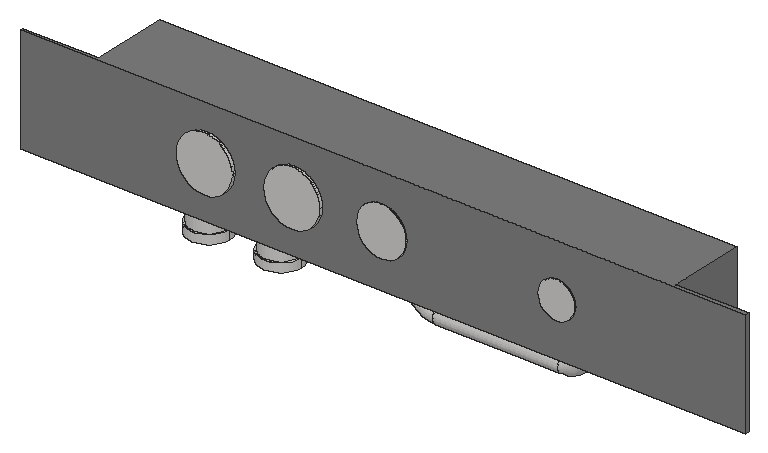
Revit family "5400FVA3", category Generic Models, Revit 2021
Family settings
  Can host rebar = No
  Round Connector Dimension = Use Diameter
  Part Type = Normal
  Work Plane-Based = No
  Always vertical = Yes
  Cut with Voids When Loaded = No
  Shared = No
  Room Calculation Point = No
Parameters (values of type "Standard")
  e-mail = "info@vola.com"
  URL = "http://vola.com"
  Telephone = "+45 7023 5500"
  Quality management standard = "ISO 9001"
  Organisation no. / DUNS no. = "17531328"
  Occupational health and safety management standard = "ISO 18001"
  Mounting Instructions = "http://vola.com/service/producturl.ashx?name=5400FV"
  Model = "5400FVA3"
  Materials and components information = "http://vola.com/service/producturl.ashx?name=5400FV"
  Manufacturer = "VOLA A/S"
  Maintenance Instructions = "http://vola.com/service/producturl.ashx?name=5400FV"
  Guarantee = "2 years"
  Flow = "43,00 l/min"
  Environmental management standard = "ISO 14000"
  Default Elevation = 0.00 mm
  Connection - All relevant connections = ""
  Approvals = "http://vola.com/service/producturl.ashx?name=5400FV"
Reference planes
  plane 1 "Center (Front/Back)": y = 0
  plane 2: z = 0
  plane 3 "Center (Left/Right)": x = 0
  plane 4 "Inlet Center Plane": y = -29
  plane 5: z = 85
Forms (mm)
  Extrusion 1, solid, material "Default"
    sketch origin (10, 0, 16) x (1, 0, 0) y (0, 1, 0)
      loop
        line (-147.5, 0) -> (-147.5, -69) -> (366.5, -69) -> (366.5, 0) -> (-147.5, 0)
    from 21.5 to 116.5
  Extrusion 2, solid, material "Default"
    sketch origin (10, -1, 16) x (1, 0, 0) y (0, 1, 0)
      loop
        line (-215, -68) -> (-215, -70.5) -> (431.5, -70.5) -> (431.5, -68) -> (-215, -68)
    from 21.5 to 116.5
  Extrusion 3, solid, material "Stainless Steel"
    sketch origin (-59, -4, 37.5) x (0, 1, 0) y (1, 0, 0)
      loop
        circle (-25, -12) r 16.5
    from 0 to 29.77
  Extrusion 4, solid, material "Stainless Steel"
    sketch origin (5, -4, 37.5) x (0, 1, 0) y (1, 0, 0)
      loop
        circle (-25, -12) r 16.5
    from 0 to 29.77
  Extrusion 5, solid, material "Stainless Steel"
    sketch origin (-51.5, -71.5, 16) x (-1, 0, 0) y (0, 0, -1)
      loop
        circle (-12.5, -69) r 24.89
    from 0 to 2.5
  Extrusion 6, solid, material "Stainless Steel"
    sketch origin (26.5, -71.5, 16) x (-1, 0, 0) y (0, 0, -1)
      loop
        circle (-12.5, -69) r 24.89
    from 0 to 2.5
  Extrusion 7, solid, material "Stainless Steel"
    sketch origin (65.5, -71.5, 16) x (-1, 0, 0) y (0, 0, -1)
      loop
        circle (-51.5, -69) r 22
    from 0 to 0.26
  Extrusion 8, solid, material "Stainless Steel"
    sketch origin (-59, -4, 7.73) x (-1, 0, 0) y (0, 1, 0)
      loop
        circle (12, -25) r 18.5
    from 0 to 7.73
  Extrusion 9, solid, material "Stainless Steel"
    sketch origin (5, -4, 7.73) x (-1, 0, 0) y (0, 1, 0)
      loop
        circle (12, -25) r 18.5
    from 0 to 7.73
  Extrusion 10, solid, material "Stainless Steel"
    sketch origin (221.5, -71.5, 16) x (-1, 0, 0) y (0, 0, -1)
      loop
        circle (-51.5, -69) r 16.5
    from 0 to 0.26
  Sweep 11, solid, material "Stainless Steel"
    path origin (92, -35.26, 1219.2) x (-1, 0, 0) y (0, 0, 1)
      loop
        line (-25, -1181.7) -> (-25, -1186.2)
        arc (-25, -1186.2) -> (-31.59, -1202.11) -> (-47.5, -1208.7) r 22.5
        line (-47.5, -1208.7) -> (-158.5, -1208.7)
        arc (-158.5, -1208.7) -> (-174.41, -1202.11) -> (-181, -1186.2) r 22.5
        line (-181, -1186.2) -> (-181, -1181.7)
    profile origin (117, -35.26, 35.25) x (0, 1, 0) y (-1, 0, 0)
      loop
        circle (0, 0) r 7.5
Cuts and joins
  joined: Extrusion 1, Extrusion 2
Lines and regions (mm)
  reference lines
    curve 1: line (117, -29, 85) -> (117, -121.5, 85)
    curve 2: line (39, -29, 85) -> (39, -121.5, 85)
    curve 3: line (-39, -29, 85) -> (-39, -121.5, 85)
    curve 4: line (-71, -29, 85) -> (-71, -29, -14)
    curve 5: line (-7, -29, 85) -> (-7, -29, -14)
    curve 6: line (273, -29, 85) -> (273, -121.5, 85)
    curve 7: line (117, -35.26, 182.5) -> (117, -35.26, 37.5)
Dimensions and locks
  aligned and locked: plane 2 to level
  aligned and locked: Extrusion 1 to Extrusion 2
  aligned and locked: Extrusion 2 to Extrusion 1
